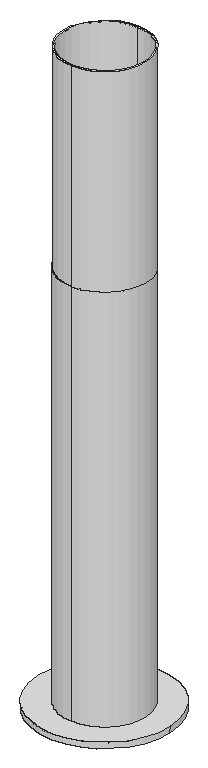
Revit family "Lighting-Surface-Amerlux-Finch-FIN6-SMA", category Lighting Fixtures, host Face, Revit 2020
Family settings
  Host = Face
  Round Connector Dimension = Use Diameter
  Part Type = Normal
  Cut with Voids When Loaded = No
  Light Source = Yes
  Shared = No
  Room Calculation Point = No
Parameters (values of type "FIN6-SMF")
  Wattage = 9.2903 W
  built-in parameter 1150110 = 1 (stored number, unit not read)
  Voltage = 0 V
  Uplight [instance] = yes
  URL = "http://www.amerlux.com/"
  built-in parameter 1114217 = 1 (stored number, unit not read)
  Tilt Angle = -90.00°
  built-in parameter 1150109 = 1 (stored number, unit not read)
  built-in parameter 1150134 = 3
  built-in parameter 1150113 = 1 (stored number, unit not read)
  Power Factor = 1
  Photometric Web File = "Load File"
  Number of Poles = 1
  built-in parameter 1150142 = (empty or 0)
  Model = "Finch"
  Manufacturer = "Amerlux"
  built-in parameter 1150105 = 109.82 (stored number, unit not read)
  Lumens = 1380 lm
  built-in parameter 1150115 = 1 (stored number, unit not read)
  built-in parameter 1150137 = (empty or 0)
  built-in parameter 1150139 = (empty or 0)
  built-in parameter 1150112 = 1 (stored number, unit not read)
  built-in parameter 1150114 = 1 (stored number, unit not read)
  built-in parameter 1150132 = (empty or 0)
  built-in parameter 1150102 = (empty or 0)
  built-in parameter 1150107 = 3200 (stored number, unit not read)
  built-in parameter 1150138 = (empty or 0)
  built-in parameter 1150106 = 1.0982 (stored number, unit not read)
  Fixture Length = 0' - 6"
  Fixture Finish = Aluminum Finish
  Fixture Angle [instance] = 90.00°
  Emit from Circle Diameter = 0' - 1 1/4"
  Emit Shape Visible in Rendering = no
  built-in parameter 1150104 = 13.8 (stored number, unit not read)
  Dimming Lamp Color Temperature Shift = <None>
  Description = "Surface Mount"
  Default Elevation = 4' - 0"
  Color Filter = 16777215
  built-in parameter 1114218 = 1 (stored number, unit not read)
  built-in parameter 1150133 = 10 (stored number, unit not read)
  Apparent Load = 0 VA
Reference planes (in)
  plane 1 "Center (Front/Back)": y = 0
  plane 2: z = 0
  plane 3 "Center (Left/Right)": x = 0
  plane 4: z = 0
  plane 5: z = 6
  plane 6: y = 3
  plane 7: y = -3
  plane 8: x = -1.73065
  plane 9: x = 1.73065
  plane 10: z = 0.4375
Forms (in)
  Extrusion 1, solid, material "Aluminum Finish"
    sketch origin (0, 0, -16.41762) x (0, 1, 0) y (-1, 0, 0)
      loop
        circle (0, 0) r 0.625
    from 16.5 to 22.41762
  Extrusion 2, solid, material "Aluminum Finish"
    sketch origin (0, 0, 0) x (1, 0, 0) y (0, 1, 0)
      loop
        circle (0, 0) r 1
    from 0 to 0.08238
Lines and regions (in)
  reference lines
    curve 1: line (0, 0, 6) -> (0, 0, 11.18388)
Dimensions and locks (in)
  plane 4 to host face = 0' - 0"
  equal spacing: plane 6, plane 1 "Center (Front/Back)", plane 7
  locked: plane 6 to plane 7 at 6
  "Fixture Length": plane 5 to host face
  diameter of Extrusion 1 sketch curve = 0' - 1 1/4"
  "Fixture Angle": angle plane 5 to curve 1
  "Fixture Angle": angle plane 5 to nested 1
  aligned and locked: plane 2 to host face
  aligned and locked: level to host face
  aligned and locked: plane 3 "Center (Left/Right)" to imposter light
  aligned and locked: plane 5 to Extrusion 1
  aligned and locked: plane 1 "Center (Front/Back)" to curve 1
  aligned and locked: plane 5 to curve 1
  aligned and locked: nested 1 to curve 1
Automatic sketch dimensions
  host sketch curve to host sketch curve = 8' - 0"  (x2)
  plane 1 "Center (Front/Back)" to Extrusion 2 sketch curve = 0' - 0"
  Extrusion 2 sketch curve to plane 3 "Center (Left/Right)" = 0' - 0"
  plane 1 "Center (Front/Back)" to Extrusion 1 sketch curve = 0' - 0"
  Extrusion 1 sketch curve to plane 3 "Center (Left/Right)" = 0' - 0"
  radius of Extrusion 2 sketch curve = 0' - 1"
Nested families (in)
  nested 1: "Family1" at (0, 0, 7.49699) x (0, 1, 0) z (1, 0, 0), type "Family1"
Connectors (in)
  electrical at (0, 0, 0), driven by "Number of Poles", driven by "Voltage", driven by "Power Factor"
    settings: on Extrusion 2, index 1, voltage 0 V, apparent load 0 VA, apparent load phase1 0 VA, apparent load phase2 0 VA, apparent load phase3 0 VA, power factor 1, load classification "Other", number of poles 1, system type 31, power factor state 1, is connector primary yes, connector utility no, sub classification motor no, connector description ""
Definition of nested family "Family1"
  Parameters
    Material = none
    Default Elevation = 4' - 0"
  Reference planes (in)
    plane 1 "Center (Front/Back)": y = 0
    plane 2: z = 0
    plane 3 "Center (Left/Right)": x = 0
  Forms (in)
    Extrusion 1, solid
      sketch origin (0, 0, 0) x (1, 0, 0) y (0, 1, 0)
        loop
          line (-48, 48) -> (-48, -48) -> (48, -48) -> (48, 48) -> (-48, 48)
      from 0 to -12
    Extrusion 2, solid, material <- "Material"
      sketch origin (0, 0.01599, 0.00763) x (1, 0, 0) y (0, 0, -1)
        loop
          circle (0, 0) r 0.625
        loop
          circle (0, 0) r 0.60579
      from -1.51299 to 1.48701
  Dimensions and locks (in)
    Extrusion 2 to Extrusion 2 = 0' - 3"
    aligned and locked: plane 2 to Extrusion 1
    aligned and locked: level to Extrusion 1
